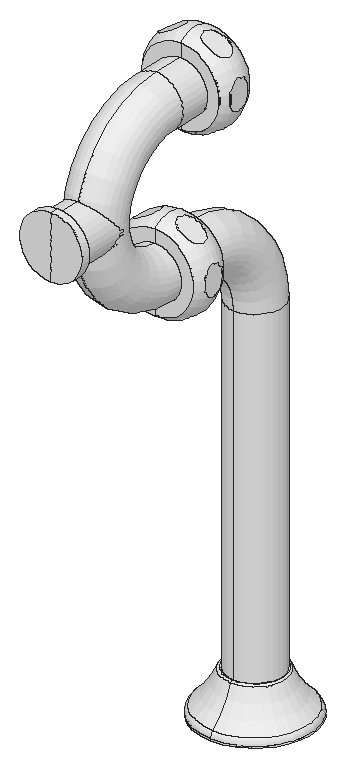
Revit family "P_Trap-DXV-Decorative-D35700020_Series", category Plumbing Fixtures, host Face, Revit 2019
Family settings
  Host = Face
  Round Connector Dimension = Use Radius
  Part Type = Normal
  OmniClass Number = 23.45.55.21
  OmniClass Title = Drains (Wastes)
  Cut with Voids When Loaded = No
  Shared = Yes
  Room Calculation Point = No
Parameters (values of type "D35700020.100")
  Width = 2 5/8"  # constant formula
  Waste Connection Radius = Waste Connection Diameter / 2  # 5/8"
  Waste Connection Diameter = 1 1/4"  # constant formula
  Waste Connection = yes
  Warranty Documentation Link = "https://www.dxv.com/-/media/files/dxv/warranty/dxv_warranty_booklet.ashx"
  WFU = 2  # constant formula
  Vent Connection = no
  URL = "http://www.dxv.com/"
  Type Comments = ""
  Revised Date = "02/08/2022"  # constant formula
  Product Page URL = "https://www.dxv.com/product/decorative-p-trap-by-dxv"
  Product Documentation Link = "https://dxv01.blob.core.windows.net/dxv-product-pdf-files/spec_D35700020_DXV_decor_p_trap_EN.pdf"
  Price = "Prices may vary. Please consult Manufacturer Representative for most up-to-date price list."  # constant formula
  Model = "D35700020.100"
  Material = "Metal-DXV-100-Polished Chrome"
  Manufacturer = "DXV"  # constant formula
  Length = 15 7/16"  # constant formula
  Installation Type = "Wall Mounted"  # constant formula
  Height = 7 3/8"  # constant formula
  HWFU = 0
  HW Connection = no
  Finish = Metal-DXV-100-Polished Chrome
  Description = "Decorative P-Trap"  # constant formula
  Default Elevation = 0"  # constant formula
  Creation Date = "10/02/2014"  # constant formula
  CWFU = 0
  CW Connection = no
  Assembly Code = "D2030100"
  ASME A112.18.1/CSA B125.1 = yes
Types (6): name | Model | Material | Finish
  (no name) | "D35700020.100" | "Metal-DXV-100-Polished Chrome" | Metal-DXV-100-Polished Chrome
  D35700020.110 | "D35700020.110" | "Metal-DXV-110-Carbon Bronze" | Metal-DXV-110-Carbon Bronze
  D35700020.144 | "D35700020.144" | "Metal-DXV-144-Brushed Nickel" | Metal-DXV-144-Brushed Nickel
  D35700020.100 | "D35700020.100" | "Metal-DXV-100-Polished Chrome" | Metal-DXV-100-Polished Chrome
  D35700020.150 | "D35700020.150" | "Metal-DXV-150-Platinum Nickel" | Metal-DXV-150-Platinum Nickel
  D35700020.427 | "D35700020.427" | "Metal-DXV-427-Satin Brass" | Metal-DXV-427-Satin Brass
Reference planes (in)
  plane 1 "Center (Front/Back)": y = 0
  plane 2: z = 0
  plane 3 "Center (Left/Right)": x = 0
  plane 4: x = 0
  plane 5: x = 1.3125
  plane 6: x = -1.3125
  plane 7: y = -6.0625
  plane 8: z = 15.4375
  plane 9: y = -4.125
  plane 10: y = -0.625
  plane 11: y = 0.625
  plane 12: z = 14.34679
  plane 13: y = 1.3125
  plane 14: y = -1.3125
  plane 15: z = 10.72179
  plane 16: y = -1.3256
  plane 17: y = -2.21326
  plane 18: y = -2.09211
  plane 19: y = -2.97976
  plane 20: z = 11.34679
Forms (in)
  Extrusion 1, solid, not visible
    sketch origin (0, 0, 0) x (1, 0, 0) y (0, 1, 0)
      loop
        circle (0, 0) r 0.625
    from 0 to 0.01563
  Revolve 2, solid, material "Metal-DXV-100-Polished Chrome" <- "Finish"
    sketch origin (0, 0, 0) x (0, 1, 0) y (0, 0, 1)
      loop
        line (0, 0) -> (0, 1) -> (-0.66412, 1)
        arc (-0.66412, 1) -> (-0.6922, 0.99139) -> (-0.71064, 0.96852) r 0.05011
        arc (-0.71064, 0.96852) -> (-0.93558, 0.54869) -> (-1.24734, 0.1886) r 2.15258
        arc (-1.24734, 0.1886) -> (-1.2955, 0.12091) -> (-1.3125, 0.03959) r 0.20295
        line (-1.3125, 0.03959) -> (-1.3125, 0) -> (0, 0)
      axis (0, 0) -> (0, 1)
    angle from 0 to 360
  Sweep 3, solid, material "Metal-DXV-100-Polished Chrome" <- "Finish"
    path origin (0, 0, 0.87496) x (0, 1, 0) y (0, 0, 1)
      loop
        line (0, 0) -> (0, 7.99322)
        arc (0, 7.99322) -> (-0.54291, 9.30392) -> (-1.85361, 9.84683) r 1.85361
        line (-1.85361, 9.84683) -> (-2.33266, 9.84683)
    profile origin (0, 0, 4.87157) x (0, -1, 0) y (1, 0, 0)
      loop
        circle (0, 0) r 0.625
  Sweep 4, solid, material "Metal-DXV-100-Polished Chrome" <- "Finish"
    path origin (0, 0, 0) x (0, 1, 0) y (0, 0, 1)
      loop
        line (-2.625, 10.72179) -> (-2.93387, 10.72179)
        arc (-2.93387, 10.72179) -> (-4.74637, 12.53429) -> (-2.93387, 14.34679) r 1.8125
        line (-2.93387, 14.34679) -> (-1.90987, 14.34679)
    profile origin (0, -2.42187, 14.34679) x (0, 0, -1) y (1, 0, 0)
      loop
        circle (0, 0) r 0.625
  Revolve 5, solid, material "Metal-DXV-100-Polished Chrome" <- "Finish"
    sketch origin (0, 0, 0) x (0, 1, 0) y (0, 0, 1)
      loop
        arc (-1.3256, 15.27102) -> (-1.76943, 15.43979) -> (-2.21326, 15.27102) r 0.66799
        line (-2.21326, 15.27102) -> (-2.21326, 14.34679) -> (-1.3256, 14.34679) -> (-1.3256, 15.27102)
      axis (-2.21326, 14.34679) -> (-1.3256, 14.34679)
    angle from 0 to 360
  Revolve 6, solid, material "Metal-DXV-100-Polished Chrome" <- "Finish"
    sketch origin (0, -0.76651, -3.625) x (0, 1, 0) y (0, 0, 1)
      loop
        arc (-1.3256, 15.27102) -> (-1.76943, 15.43979) -> (-2.21326, 15.27102) r 0.66799
        line (-2.21326, 15.27102) -> (-2.21326, 14.34679) -> (-1.3256, 14.34679) -> (-1.3256, 15.27102)
      axis (-2.21326, 14.34679) -> (-1.3256, 14.34679)
    angle from 0 to 360
  Revolve 7, solid, material "Metal-DXV-100-Polished Chrome" <- "Finish"
    sketch origin (0, 0, 0) x (0, 1, 0) y (0, 0, 1)
      loop
        line (-4.69809, 13.23271) -> (-5.87107, 13.23271) -> (-5.87107, 13.35252) -> (-6.0625, 13.35252) -> (-6.0625, 12.60771) -> (-4.69809, 12.60771) -> (-4.69809, 13.23271)
      axis (-6.0625, 12.60771) -> (-4.69809, 12.60771)
    angle from 0 to 360
  Extrusion 8, void
    sketch origin (0, 0, 0) x (1, 0, 0) y (0, 0, 1)
      loop
        line (0, 15.53923) -> (-1.03268, 14.94301) -> (-1.03268, 13.75057) -> (0, 13.15435) -> (1.03268, 13.75057) -> (1.03268, 14.94301) -> (0, 15.53923)
      loop
        circle (0, 14.34679) r 1.36852
    from 1.00776 to 2.02787
  Extrusion 9, void
    sketch origin (0, -0.76651, -3.625) x (1, 0, 0) y (0, 0, 1)
      loop
        line (0, 15.53923) -> (-1.03268, 14.94301) -> (-1.03268, 13.75057) -> (0, 13.15435) -> (1.03268, 13.75057) -> (1.03268, 14.94301) -> (0, 15.53923)
      loop
        circle (0, 14.34679) r 1.36852
    from 1.00776 to 2.02787
Cuts and joins
  Extrusion 8 cuts Sweep 3
  Extrusion 8 cuts Revolve 7
  joined: Revolve 2, Sweep 3, Revolve 7
  Extrusion 9 cuts Revolve 6
  Extrusion 8, Extrusion 9 cuts Revolve 5
  Extrusion 8 cuts Sweep 4
Lines and regions (in)
  Masking region 1
    outline origin (0, 0, 0) x (1, 0, 0) y (0, 0, 1)
      loop
        line (-0.625, 1) -> (-0.67156, 1)
        arc (-0.67156, 1) -> (-0.68926, 0.99468) -> (-0.70109, 0.98047) r 0.03209
        arc (-0.70109, 0.98047) -> (-0.9346, 0.55718) -> (-1.24903, 0.18998) r 2.37337
        arc (-1.24903, 0.18998) -> (-1.29596, 0.1225) -> (-1.3125, 0.04198) r 0.20432
        line (-1.3125, 0.04198) -> (-1.3125, 0) -> (1.3125, 0) -> (1.3125, 0.04198)
        arc (1.3125, 0.04198) -> (1.29596, 0.1225) -> (1.24903, 0.18998) r 0.20432
        arc (1.24903, 0.18998) -> (0.9346, 0.55718) -> (0.70109, 0.98047) r 2.37337
        arc (0.70109, 0.98047) -> (0.68926, 0.99468) -> (0.67156, 1) r 0.03209
        line (0.67156, 1) -> (0.625, 1) -> (0.625, 9.8902) -> (0.82574, 10.00609)
        arc (0.82574, 10.00609) -> (0.94616, 10.17571) -> (1.03268, 10.36487) r 1.10572
        line (1.03268, 10.36487) -> (1.03268, 11.07905)
        arc (1.03268, 11.07905) -> (0.94458, 11.27525) -> (0.81618, 11.44778) r 0.98964
        line (0.81618, 11.44778) -> (0.81618, 13.61961)
        arc (0.81618, 13.61961) -> (0.94033, 13.79545) -> (1.03268, 13.98987) r 1.25779
        line (1.03268, 13.98987) -> (1.03268, 14.70405)
        arc (1.03268, 14.70405) -> (0.94629, 14.89331) -> (0.82544, 15.06266) r 1.0879
        line (0.82544, 15.06266) -> (0.20724, 15.41958)
        arc (0.20724, 15.41958) -> (0, 15.4375) -> (-0.20724, 15.41958) r 1.20746
        line (-0.20724, 15.41958) -> (-0.82544, 15.06266)
        arc (-0.82544, 15.06266) -> (-0.94629, 14.89331) -> (-1.03268, 14.70405) r 1.0879
        line (-1.03268, 14.70405) -> (-1.03268, 13.98987)
        arc (-1.03268, 13.98987) -> (-0.94033, 13.79545) -> (-0.81618, 13.61961) r 1.25779
        line (-0.81618, 13.61961) -> (-0.81618, 11.44778)
        arc (-0.81618, 11.44778) -> (-0.94458, 11.27525) -> (-1.03268, 11.07905) r 0.98964
        line (-1.03268, 11.07905) -> (-1.03268, 10.36487)
        arc (-1.03268, 10.36487) -> (-0.94616, 10.17571) -> (-0.82574, 10.00609) r 1.10572
        line (-0.82574, 10.00609) -> (-0.625, 9.8902) -> (-0.625, 1)
  symbolic lines, detail levels medium+fine
    curve 1: line (0.82544, 0, 13.63092) -> (0.20695, 0, 13.27383)
    curve 2: line (-0.20695, 0, 13.27383) -> (-0.82574, 0, 13.63109)
    curve 3: arc (0.20695, 0, 13.27383) -> (0, 0, 13.2532) -> (-0.20695, 0, 13.27383) r 1.04807
    curve 4: line (0.625, 0, 9.8902) -> (0.625, 0, 10.72179)
    curve 5: arc (0.625, 0, 10.72179) -> (0, 0, 11.34679) -> (-0.625, 0, 10.72179) r 0.625
    curve 6: line (-0.625, 0, 10.72179) -> (-0.625, 0, 9.88933)
    curve 7: line (0.20724, 0, 11.79458) -> (0.82574, 0, 11.43749)
    curve 8: line (-0.82544, 0, 11.43766) -> (-0.20724, 0, 11.79458)
    curve 9: arc (0.20724, 0, 11.79458) -> (0, 0, 11.81563) -> (-0.20724, 0, 11.79458) r 1.03096
  symbolic lines, detail levels fine
    curve 10: circle (0, 0, 14.34679) r 0.625 normal (0, -1, 0)
    curve 11: line (0.625, 0, 1) -> (-0.625, 0, 1)
Dimensions and locks (in)
  locked: plane 6 to plane 5 at 2.625
  "Length": plane 8 to level
  equal spacing: plane 11, plane 1 "Center (Front/Back)", plane 10
  plane 11 to plane 10 = 1 1/4"
  plane 10 to plane 9 = 3 1/2"
  locked: plane 8 to plane 12 at 1.09071
  equal spacing: plane 13, plane 1 "Center (Front/Back)", plane 14
  plane 13 to plane 14 = 2 5/8"
  plane 12 to plane 15 = 3 5/8"
  locked: plane 1 "Center (Front/Back)" to plane 16 at 1.3256
  Revolve 7 sketch curve to Revolve 7 sketch curve = 5/8"
  "Height": plane 13 to plane 7
  radius of Sweep 4 sketch curve = 5/8"
  aligned and locked: plane 2 to host face
  aligned and locked: level to host face
  aligned and locked: plane 4 to Extrusion 1 sketch curve
  aligned and locked: plane 1 "Center (Front/Back)" to Extrusion 1 sketch curve
  aligned and locked: Sweep 3 sketch curve to plane 15
  aligned and locked: plane 1 "Center (Front/Back)" to Sweep 3 sketch curve
  aligned and locked: Masking region 1 to curve 11
  aligned and locked: curve 11 to Masking region 1
  aligned and locked: curve 11 to cut or joined group of Revolve 2, Sweep 3, Revolve 7, Extrusion 8
Automatic sketch dimensions
  host sketch curve to host sketch curve = 96"  (x2)
  Revolve 2 sketch curve to plane 14 = 0"
  Revolve 2 sketch curve to plane 1 "Center (Front/Back)" = 0"  (x2)
  Revolve 2 sketch curve to level = 0"
  plane 19 to Revolve 2 sketch curve = 0.27091"
  level to Revolve 2 sketch curve = 0.03959"
  Revolve 2 sketch curve to Revolve 2 sketch curve = 0.20295"
  plane 10 to Revolve 2 sketch curve = 0.03912"
  level to Revolve 2 sketch curve = 0.94989"
  Revolve 2 sketch curve to Revolve 2 sketch curve = 0.05011"
  level to Revolve 2 sketch curve = 1.76897"
  Revolve 2 sketch curve to Revolve 2 sketch curve = 0"
  Revolve 2 sketch curve to Revolve 2 sketch curve = 0.08799"
  Revolve 2 sketch curve to Revolve 2 sketch curve = 0.31301"
  plane 18 to Sweep 3 sketch curve = 0.2385"
  Sweep 3 sketch curve to plane 17 = 0.1194"
  level to Sweep 3 sketch curve = 0.87496"
  Sweep 3 sketch curve to plane 3 "Center (Left/Right)" = 0"
  Sweep 3 sketch curve to profile plane = 0"
  Sweep 4 sketch curve to plane 15 = 0"
  Sweep 4 sketch curve to plane 12 = 0"
  plane 19 to Sweep 4 sketch curve = 0.04589"
  Sweep 4 sketch curve to Sweep 4 sketch curve = 0.30887"
  plane 18 to Sweep 4 sketch curve = 0.18224"
  Sweep 4 sketch curve to plane 3 "Center (Left/Right)" = 0"
  Sweep 4 sketch curve to profile plane = 0"
  Revolve 5 sketch curve to plane 12 = 0"  (x2)
  Revolve 5 sketch curve to plane 17 = 0"
  Revolve 5 sketch curve to plane 16 = 0"
  plane 18 to Revolve 5 sketch curve = 0.32268"
  plane 10 to Revolve 5 sketch curve = 0.20443"
  Revolve 5 sketch curve to plane 10 = 0.29557"
  Revolve 6 sketch curve to plane 15 = 0"  (x2)
  Revolve 6 sketch curve to plane 19 = 0"
  Revolve 6 sketch curve to plane 18 = 0"
  Revolve 6 sketch curve to plane 17 = 0.32268"
  plane 15 to Revolve 6 sketch curve = 0.42501"
  Revolve 6 sketch curve to Revolve 6 sketch curve = 0.49922"
  Revolve 6 sketch curve to plane 16 = 0.27034"
  plane 14 to Revolve 6 sketch curve = 0.21656"
  Revolve 7 sketch curve to plane 7 = 0"
  plane 7 to Revolve 7 sketch curve = 0.19143"
  Revolve 7 sketch curve to plane 9 = 0.57309"
  Revolve 7 sketch curve to Revolve 7 sketch curve = 0.11981"
  Revolve 7 sketch curve to Revolve 7 sketch curve = 0.40505"
  Revolve 7 sketch curve to Revolve 7 sketch curve = 0.19487"
  Revolve 7 sketch curve to Revolve 7 sketch curve = 0"
  Extrusion 8 sketch curve to plane 3 "Center (Left/Right)" = 0"  (x3)
  Extrusion 8 sketch curve to plane 12 = 0"
  Extrusion 8 sketch curve to plane 6 = 0.27982"
  Extrusion 8 sketch curve to plane 5 = 0.27982"
  plane 8 to Extrusion 8 sketch curve = 0.10173"
  Extrusion 9 sketch curve to plane 3 "Center (Left/Right)" = 0"  (x3)
  Extrusion 9 sketch curve to plane 15 = 0"
  Extrusion 9 sketch curve to plane 6 = 0.27982"
  Extrusion 9 sketch curve to plane 5 = 0.27982"
  Extrusion 9 sketch curve to plane 15 = 0.59622"  (x2)
  Extrusion 9 sketch curve to Extrusion 9 sketch curve = 0.59622"  (x2)
  plane 15 to Extrusion 9 sketch curve = 0.59622"  (x2)
  plane 6 to Masking region 1 sketch curve = 0"
  Masking region 1 sketch curve to plane 3 "Center (Left/Right)" = 0"
  Masking region 1 sketch curve to level = 0"
  Masking region 1 sketch curve to plane 5 = 0"
  plane 6 to Masking region 1 sketch curve = 1.57268"
  level to Masking region 1 sketch curve = 0.04198"  (x2)
  Masking region 1 sketch curve to Masking region 1 sketch curve = 0.20432"
  Masking region 1 sketch curve to plane 6 = 0.27982"  (x2)
  Masking region 1 sketch curve to Masking region 1 sketch curve = 0.20695"
  Masking region 1 sketch curve to Masking region 1 sketch curve = 0.20724"
  Masking region 1 sketch curve to Masking region 1 sketch curve = 0.21651"
  Masking region 1 sketch curve to plane 6 = 0.64094"
  Masking region 1 sketch curve to Masking region 1 sketch curve = 0.04656"  (x2)
  Masking region 1 sketch curve to plane 8 = 0.01792"  (x2)
  Masking region 1 sketch curve to plane 3 "Center (Left/Right)" = 0.20724"
  Masking region 1 sketch curve to plane 3 "Center (Left/Right)" = 0.14546"
  plane 15 to Masking region 1 sketch curve = 0.05236"  (x2)
  Masking region 1 sketch curve to plane 3 "Center (Left/Right)" = 0.09119"
  Masking region 1 sketch curve to plane 3 "Center (Left/Right)" = 0.01165"
  Masking region 1 sketch curve to plane 3 "Center (Left/Right)" = 0.00436"
  plane 3 "Center (Left/Right)" to Masking region 1 sketch curve = 0.00436"
  plane 3 "Center (Left/Right)" to Masking region 1 sketch curve = 0.01165"
  plane 3 "Center (Left/Right)" to Masking region 1 sketch curve = 0.09119"
  plane 3 "Center (Left/Right)" to Masking region 1 sketch curve = 0.14546"
  plane 3 "Center (Left/Right)" to Masking region 1 sketch curve = 5/8"
  Masking region 1 sketch curve to plane 5 = 0.49632"
  Masking region 1 sketch curve to plane 5 = 0.48706"
  Masking region 1 sketch curve to Masking region 1 sketch curve = 0.20074"
  Masking region 1 sketch curve to plane 5 = 0.27982"  (x2)
  Masking region 1 sketch curve to plane 5 = 0.20432"
  plane 5 to Masking region 1 sketch curve = 1.57268"
  level to Masking region 1 sketch curve = 0.96791"  (x2)
  Masking region 1 sketch curve to Masking region 1 sketch curve = 0.03209"  (x2)
  level to Masking region 1 sketch curve = 1.90927"  (x2)
  Masking region 1 sketch curve to plane 15 = 0.8316"  (x2)
  Masking region 1 sketch curve to Masking region 1 sketch curve = 0.1159"  (x2)
  Masking region 1 sketch curve to plane 15 = 0.35692"  (x2)
  plane 15 to Masking region 1 sketch curve = 0.35726"  (x2)
  Masking region 1 sketch curve to Masking region 1 sketch curve = 0.37026"  (x2)
  Masking region 1 sketch curve to plane 12 = 0.11676"
  plane 12 to Masking region 1 sketch curve = 0.00218"  (x2)
  Masking region 1 sketch curve to Masking region 1 sketch curve = 0"  (x2)
  curve 6 to plane 15 = 0"
  curve 9 to plane 3 "Center (Left/Right)" = 0"
  curve 5 to plane 3 "Center (Left/Right)" = 0"
  curve 10 to plane 3 "Center (Left/Right)" = 0"
  curve 3 to plane 3 "Center (Left/Right)" = 0"
  curve 10 to plane 12 = 0"
  curve 2 to plane 3 "Center (Left/Right)" = 0.20695"
  curve 8 to plane 3 "Center (Left/Right)" = 0.20724"
  curve 6 to plane 3 "Center (Left/Right)" = 5/8"
  plane 3 "Center (Left/Right)" to curve 1 = 0.20695"
  plane 3 "Center (Left/Right)" to curve 7 = 0.20724"
  curve 5 to curve 9 = 0.06288"
  curve 9 to curve 8 = 1.00991"
  curve 3 to plane 12 = 0.04552"
  curve 8 to plane 6 = 0.48706"
  curve 2 to plane 6 = 0.48676"
  curve 1 to plane 5 = 0.48706"
  curve 7 to plane 5 = 0.48676"
  curve 4 to plane 15 = 0.8316"
  curve 6 to plane 15 = 0.83246"
  curve 7 to curve 9 = 0.35709"
  curve 8 to curve 8 = 0.35692"
  plane 12 to Revolve 5 sketch curve = 0.42501"
  Revolve 5 sketch curve to plane 8 = 0.16648"
  Extrusion 8 sketch curve to plane 8 = 0.49449"  (x2)
  plane 12 to Masking region 1 sketch curve = 0.35726"  (x2)
  curve 1 to curve 3 = 1.02744"
  curve 1 to curve 1 = 0.35709"
  curve 3 to curve 2 = 0.35726"
  Revolve 7 sketch curve to plane 12 = 1.73908"
  Extrusion 8 sketch curve to plane 12 = 0.59622"  (x2)
  Extrusion 8 sketch curve to Extrusion 8 sketch curve = 0.59622"
  Masking region 1 sketch curve to plane 12 = 0.72718"  (x2)
  radius of Extrusion 1 sketch curve = 5/8"
  radius of Sweep 3 sketch curve = 5/8"
  radius of Extrusion 8 sketch curve = 1.36852"
  radius of Extrusion 9 sketch curve = 1.36852"
  radius of curve 10 = 5/8"
Connectors (in)
  piping at (0, 0, 0.01562), diameter 1.25, driven by "Waste Connection Radius", driven by "WFU"
    settings: on Extrusion 1, index 1, connector inside diameter 1 1/4", connector length 0", flow factor 0, pipe flow 0 GPM, pressure drop 0.00 psi, fitting loss kfactor 0, connector angle 0.00°, fixture units 2, engagement length 0", angle of deflection 0.00°, flow configuration 3, flow direction 2, fitting loss method 0, system type 16, joint type 0, gender type 0, connector reference index 2, connector utility 0, adjustable connector yes, is connector primary yes, connector description "1-1/4\" Sanitary Outlet"
  piping at (0, -1.3256, 14.34679), diameter 1.25, driven by "Waste Connection Radius", driven by "WFU"
    settings: on cut or joined group of Revolve 2, Sweep 3, Revolve 7, Extrusion 8, index 2, connector inside diameter 24", connector length 0", flow factor 0, pipe flow 0 GPM, pressure drop 0.00 psi, fitting loss kfactor 0, connector angle 0.00°, fixture units 2, engagement length 0", angle of deflection 0.00°, flow configuration 3, flow direction 1, fitting loss method 0, system type 16, joint type 0, gender type 0, connector reference index 1, connector utility 0, adjustable connector yes, is connector primary no, connector description "1-1/4\" Sanitary Inlet"
